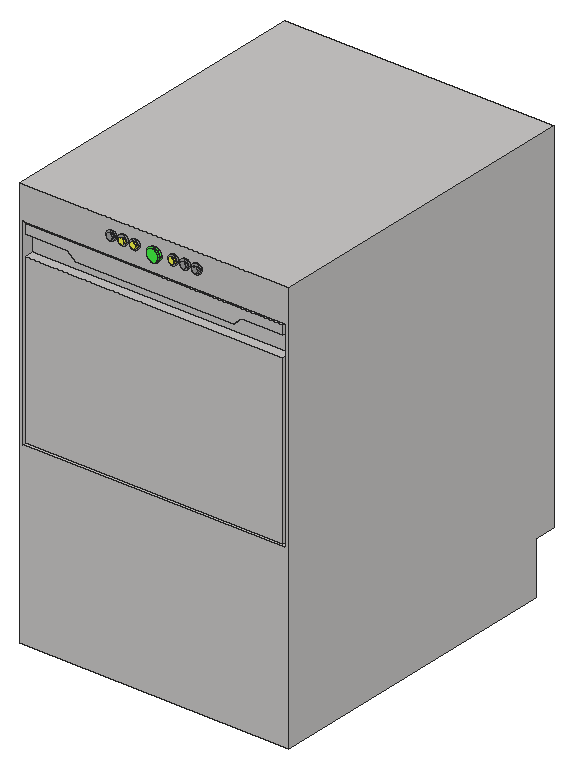
Revit family "QF_ELECTROLUXPROFESSIONAL_402217_ESICW", category Specialty Equipment, Revit 2018
Family settings
  Round Connector Dimension = Use Diameter
  Part Type = Normal
  Work Plane-Based = No
  Always vertical = Yes
  Cut with Voids When Loaded = No
  Shared = No
  Room Calculation Point = No
Parameters
  Weight = 37.00 kg
  Watts = 0 W
  Volts = 0 V
  URL Manufacturer = ""
  URL = "http://professional.electrolux.com/"
  Steam Supply Size = 0 mm
  Steam Supply Minimum Pressure = 0.0 Pa
  Steam Supply Maximum Pressure = 0.0 Pa
  Steam Pounds per Hour = 0
  Show Logo [instance] = yes
  Show Clearance [instance] = yes
  Refrigeration Suction Line Size = 0 mm
  Refrigeration Liquid Line Size = 0 mm
  Refrigerant Compressor Remote = yes
  Manufacturer = ""
  Phase = 0
  Model = ""
  Length Actual = 460 mm  # constant formula
  Item Number = ""
  Hot Water Size = 0 mm
  Height Actual = 715 mm  # constant formula
  HP = "4.4 HP"
  Gas Size = 0 mm
  Gas KW = 0
  Gas Input Pressure = 0 W
  Direct Waste Size = 22 mm
  Description = ""
  Depth Actual = 565 mm  # constant formula
  Cycle = 0 Hz
  Condensate Return Size = 0 mm
  Compressed Air Volume = 0.0 L/s
  Compressed Air Size = 0 mm
  Compressed Air Pressure = 0.0 Pa
  Cold Water Size = 0 mm
  Accessory = yes
Types (2, lengths in mm): name | Volts | URL Manufacturer | URL | Manufacturer | Phase | Model | Item Number | Description | Cycle | Cold Water Size
  (no name) | 0 V | "" | "http://professional.electrolux.com/" | "" | 0 | "" | "" | "" | 0 Hz | 0
  Standard | 220 V | "http://professional.electrolux.com" | "http://professional.electrolux.com" | "Electrolux Professional" | 1 | "ESICW" | "402217" | "GLASSWASHER(S) DOUBLE SKIN, COLD RINSE, WS, 30B/H" | 50 Hz | 19.05
Reference planes
  plane 1 "Center (Front/Back)": y = 0
  plane 2: z = 0
  plane 3 "Center (Left/Right)": x = 0
  plane 4 "LEFT": x = -230
  plane 5 "RIGHT": x = 230
  plane 6 "FRONT": y = -282.5
  plane 7 "BACK": y = 282.5
  plane 8: x = -202.5
  plane 9: x = 202.5
  plane 10: z = 715
  plane 11: z = 10
Forms (mm)
  Extrusion 1, solid, material "QF_Finishes_Stainless Steel"
    sketch origin (0, 0, 0) x (1, 0, 0) y (0, 1, 0)
      loop
        line (-230, -282.5) -> (230, -282.5) -> (230, 243.5) -> (-230, 243.5) -> (-230, -282.5)
    from 10 to 715
  Extrusion 2, solid, material "QF_Finishes_Stainless Steel"
    sketch origin (0, 0, 0) x (1, 0, 0) y (0, 1, 0)
      loop
        line (-230, 243.5) -> (230, 243.5) -> (230, 282.5) -> (-230, 282.5) -> (-230, 243.5)
    from 100 to 715
  Extrusion 3, solid, material "QF_Finishes_Stainless Steel"
    sketch origin (0, 0, 0) x (1, 0, 0) y (0, 1, 0)
      loop
        circle (-202.5, 184.5) r 12.5
      loop
        circle (202.5, 184.5) r 12.5
      loop
        circle (-202.5, -235.5) r 12.5
      loop
        circle (202.5, -235.5) r 12.5
    from 0 to 10
  Extrusion 4, void
    sketch origin (-230, -282.5, 0) x (-1, 0, 0) y (0, 0, 1)
      loop
        line (-5, 658.217) -> (-455, 658.217) -> (-455, 315) -> (-5, 315) -> (-5, 658.217)
    from 0 to 30
  Extrusion 5, solid, material "QF_Finishes_Stainless Steel"
    sketch origin (-288, -392, 738) x (0, 0, -1) y (1, 0, 0)
      loop
        circle (693, 213) r 10
    from -635.5 to -674.5
  Extrusion 6, solid, material "QF_Door-Drawer Clearances", visible <- "Show Clearance", detail levels coarse
    sketch origin (-230, -282.5, 0) x (0, 1, 0) y (0, 0, -1)
      loop
        line (0, -315) -> (-315, -315)
        arc (-315, -315) -> (-223.2, -545.869) -> (0, -655) r 344.605
        line (0, -655) -> (0, -315)
    from -10 to -450
  Extrusion 7, solid, material "QF_Finishes_Stainless Steel"
    sketch origin (-242.481, -392, 738) x (0, 0, -1) y (1, 0, 0)
      loop
        circle (663, 322.481) r 8
    from -635.5 to -674.5
  Extrusion 8, solid, material "QF_Finishes_Green"
    sketch origin (234, -282.5, -28.75) x (-1, 0, 0) y (0, 0, -1)
      loop
        circle (234, -714.569) r 10
    from 0 to 5
  Extrusion 9, solid, material "QF_Finishes_Gray"
    sketch origin (234, -282.5, -24.375) x (-1, 0, 0) y (0, 0, -1)
      loop
        circle (306.936, -713.972) r 5
    from 0 to 5
  Extrusion 10, solid, material "QF_Finishes_Stainless Steel"
    sketch origin (-230, -282.5, 0) x (0, 1, 0) y (0, 0, -1)
      loop
        line (0, -319.622) -> (0, -605) -> (15, -605) -> (15, -655) -> (25, -655) -> (25, -319.622) -> (0, -319.622)
    from -10 to -450
  Extrusion 11, solid, material "QF_Finishes_Stainless Steel"
    sketch origin (-230, -282.5, 0) x (0, 1, 0) y (0, 0, -1)
      loop
        line (15, -655) -> (15, -652.514) -> (2.5, -652.514) -> (2.5, -626.25) -> (0, -626.25) -> (0, -655) -> (15, -655)
    from -10 to -450
  Extrusion 12, void
    sketch origin (-230, -282.5, 655) x (0, 0, 1) y (1, 0, 0)
      loop
        line (-15.552, 10) -> (-15.552, 81.607) -> (-28.75, 94.804) -> (-28.75, 10) -> (-15.552, 10)
      loop
        line (-15.552, 450) -> (-28.75, 450) -> (-28.75, 365.196) -> (-15.552, 378.393) -> (-15.552, 450)
    from 0 to 2.5
  Extrusion 13, solid, material "QF_Finishes_Stainless Steel"
    sketch origin (-328, -392, 738) x (0, 0, -1) y (1, 0, 0)
      loop
        circle (663, 228) r 8
    from -635.5 to -674.5
  Extrusion 14, solid, material "QF_Finishes_Green"
    sketch origin (-230, -282.5, 0) x (1, 0, 0) y (0, 0, 1)
      loop
        circle (230, 685.819) r 12
      loop
        circle (230, 685.819) r 10
    from 0 to 2.5
  Extrusion 15, solid, material "QF_Finishes_Gray"
    sketch origin (-210, -282.5, -28.75) x (1, 0, 0) y (0, 0, 1)
      loop
        circle (262.936, 718.347) r 8
      loop
        circle (262.936, 718.347) r 5
      loop
        circle (242.936, 718.347) r 8
      loop
        circle (242.936, 718.347) r 5
      loop
        circle (282.936, 718.347) r 8
      loop
        circle (282.936, 718.347) r 5
    from 0 to 2.5
  Extrusion 16, solid, material "QF_Finishes_Gray"
    sketch origin (-234, -282.5, -24.375) x (1, 0, 0) y (0, 0, 1)
      loop
        circle (286.936, 713.972) r 5
      loop
        circle (306.936, 713.972) r 5
    from 0 to 5
  Extrusion 17, solid, material "QF_Finishes_Gray"
    sketch origin (210, -282.5, -28.75) x (-1, 0, 0) y (0, 0, -1)
      loop
        circle (262.936, -718.347) r 8
      loop
        circle (262.936, -718.347) r 5
      loop
        circle (242.936, -718.347) r 8
      loop
        circle (242.936, -718.347) r 5
      loop
        circle (282.936, -718.347) r 8
      loop
        circle (282.936, -718.347) r 5
    from 0 to 2.5
  Extrusion 18, solid, material "QF_Finishes_Yellow"
    sketch origin (254, -282.5, -24.375) x (-1, 0, 0) y (0, 0, -1)
      loop
        circle (306.936, -713.972) r 5
    from 0 to 5
  Extrusion 19, solid, material "QF_Finishes_Yellow"
    sketch origin (274, -282.5, -24.375) x (-1, 0, 0) y (0, 0, -1)
      loop
        circle (306.936, -713.972) r 5
    from 0 to 5
  Extrusion 20, solid, material "QF_Finishes_Yellow"
    sketch origin (339.871, -282.5, -24.375) x (-1, 0, 0) y (0, 0, -1)
      loop
        circle (306.936, -713.972) r 5
    from 0 to 5
Cuts and joins
  Extrusion 4 cuts Extrusion 1
  joined: Extrusion 1, Extrusion 2
  Extrusion 12 cuts Extrusion 10
  Extrusion 12 cuts Extrusion 11
Lines and regions (mm)
  Split face 1
    outline origin (-230, -282.5, 715) x (0, 0, -1) y (1, 0, 0)
      loop
        line (35, 0) -> (35, 60) -> (49.142, 74.142) -> (49.142, 214.142) -> (11.456, 214.142)
        arc (11.456, 214.142) -> (9.82, 214.82) -> (9.142, 216.456) r 2.314
        line (9.142, 216.456) -> (9.142, 230) -> (9.142, 243.544)
        arc (9.142, 243.544) -> (9.82, 245.18) -> (11.456, 245.858) r 2.314
        line (11.456, 245.858) -> (49.142, 245.858) -> (49.142, 385.858) -> (35, 400) -> (35, 460)
      loop
        line (56.783, 5) -> (56.783, 0)
      loop
        line (56.783, 455) -> (56.783, 460)
  symbolic lines
    curve 1: line (-230, 282.5, 0) -> (230, 282.5, 0)
    curve 2: line (-230, -282.5, 0) -> (-230, 282.5, 0)
    curve 3: line (230, -282.5, 0) -> (-230, -282.5, 0)
    curve 4: line (230, 282.5, 0) -> (230, -282.5, 0)
    curve 9: line (-80.94, -285, 0) -> (-80.94, -282.5, 0)
    curve 10: line (-64.948, -285, 0) -> (-64.948, -282.5, 0)
    curve 11: line (-77.926, -287.5, 0) -> (-67.936, -287.5, 0)
    curve 12: line (-67.936, -287.5, 0) -> (-67.936, -285, 0)
    curve 13: line (-77.926, -287.5, 0) -> (-77.926, -285, 0)
    curve 14: line (-60.936, -285, 0) -> (-44.936, -285, 0)
    curve 15: line (-44.936, -285, 0) -> (-44.936, -282.5, 0)
    curve 16: line (-60.936, -285, 0) -> (-60.936, -282.5, 0)
    curve 17: line (-57.936, -287.5, 0) -> (-47.936, -287.5, 0)
    curve 18: line (-47.936, -287.5, 0) -> (-47.936, -285, 0)
    curve 19: line (-57.936, -287.5, 0) -> (-57.936, -285, 0)
    curve 20: line (-40.936, -285, 0) -> (-24.936, -285, 0)
    curve 21: line (-24.936, -285, 0) -> (-24.936, -282.5, 0)
    curve 22: line (-40.936, -285, 0) -> (-40.936, -282.5, 0)
    curve 23: line (-37.936, -287.5, 0) -> (-27.936, -287.5, 0)
    curve 24: line (-27.936, -287.5, 0) -> (-27.936, -285, 0)
    curve 25: line (-37.936, -287.5, 0) -> (-37.936, -285, 0)
    curve 26: line (24.936, -285, 0) -> (40.936, -285, 0)
    curve 27: line (40.936, -285, 0) -> (40.936, -282.5, 0)
    curve 28: line (27.936, -287.5, 0) -> (37.936, -287.5, 0)
    curve 29: line (37.936, -287.5, 0) -> (37.936, -285, 0)
    curve 30: line (27.936, -287.5, 0) -> (27.936, -285, 0)
    curve 31: line (24.936, -285, 0) -> (24.936, -282.5, 0)
    curve 32: line (-12, -285, 0) -> (12, -285, 0)
    curve 33: line (12, -285, 0) -> (12, -282.5, 0)
    curve 34: line (-12, -285, 0) -> (-12, -282.5, 0)
    curve 35: line (-10, -287.5, 0) -> (10, -287.5, 0)
    curve 36: line (10, -287.5, 0) -> (10, -285, 0)
    curve 37: line (-10, -287.5, 0) -> (-10, -285, 0)
    curve 39: line (44.936, -285, 0) -> (60.936, -285, 0)
    curve 40: line (60.936, -285, 0) -> (60.936, -282.5, 0)
    curve 41: line (47.936, -287.5, 0) -> (57.936, -287.5, 0)
    curve 42: line (57.936, -287.5, 0) -> (57.936, -285, 0)
    curve 43: line (47.936, -287.5, 0) -> (47.936, -285, 0)
    curve 44: line (44.936, -285, 0) -> (44.936, -282.5, 0)
    curve 45: line (64.936, -285, 0) -> (80.936, -285, 0)
    curve 46: line (80.936, -285, 0) -> (80.936, -282.5, 0)
    curve 47: line (67.936, -287.5, 0) -> (77.936, -287.5, 0)
    curve 48: line (77.936, -287.5, 0) -> (77.936, -285, 0)
    curve 49: line (67.936, -287.5, 0) -> (67.936, -285, 0)
    curve 50: line (64.936, -285, 0) -> (64.936, -282.5, 0)
  symbolic lines, style "QF_Door-Drawer Clearances"
    curve 5: line (-220, -597.5, 0) -> (220, -597.5, 0)
    curve 6: line (220, -597.5, 0) -> (220, -282.5, 0)
    curve 7: line (-220, -597.5, 0) -> (-220, -282.5, 0)
  symbolic lines, style "SpecialityEquipment"
    curve 8: line (-80.94, -285, 0) -> (-64.948, -285, 0)
  symbolic lines, style "SpecialityEquipmentHiddenLines"
    curve 38: line (-230, 243.5, 0) -> (230, 243.5, 0)
Dimensions and locks
  equal spacing: plane 4 "LEFT", plane 3 "Center (Left/Right)", plane 5 "RIGHT"
  equal spacing: plane 7 "BACK", plane 1 "Center (Front/Back)", plane 6 "FRONT"
  plane 7 "BACK" to plane 6 "FRONT" = 565 mm
  plane 4 "LEFT" to plane 5 "RIGHT" = 460 mm
  plane 4 "LEFT" to plane 8 = 27.5 mm
  plane 9 to plane 5 "RIGHT" = 27.5 mm
  locked: plane 11 to level at 10
  plane 4 "LEFT" to plane 3 "Center (Left/Right)" = 230 mm
  plane 10 to level = 715 mm  (x2)
  plane 8 to plane 9 = 405 mm
  level to Extrusion 13 sketch curve = 75 mm
  Extrusion 13 sketch curve to plane 4 "LEFT" = 130 mm
  level to Extrusion 5 sketch curve = 45 mm
  Extrusion 5 sketch curve to plane 4 "LEFT" = 155 mm
  Extrusion 7 sketch curve to plane 4 "LEFT" = 310 mm
  level to Extrusion 7 sketch curve = 75 mm
  locked: Extrusion 3 to cut or joined group of Extrusion 1, Extrusion 2, Extrusion 4 at 98
  Extrusion 3 to Extrusion 3 = 420 mm
  locked: plane 6 "FRONT" to Extrusion 3 at 47
  plane 9 to plane 8 = 405 mm
  plane 7 "BACK" to curve 5 = 880 mm
  cut or joined group of Extrusion 10, Extrusion 12 to cut or joined group of Extrusion 1, Extrusion 2, Extrusion 4 = 290 mm
  aligned and locked: level to plane 2
  aligned and locked: Extrusion 1 sketch curve to plane 6 "FRONT"
  aligned and locked: Extrusion 1 sketch curve to plane 4 "LEFT"
  aligned and locked: plane 5 "RIGHT" to Extrusion 1 sketch curve
  aligned and locked: Extrusion 1 to plane 11
  aligned and locked: Extrusion 2 sketch curve to Extrusion 1  (x2)
  aligned and locked: plane 7 "BACK" to Extrusion 2 sketch curve
  aligned and locked: plane 5 "RIGHT" to Extrusion 2 sketch curve
  aligned and locked: plane 11 to Extrusion 3
  aligned and locked: Extrusion 2 to Extrusion 5
  aligned and locked: Extrusion 2 to Extrusion 7
  aligned and locked: plane 7 "BACK" to Extrusion 7
  aligned and locked: plane 7 "BACK" to Extrusion 5
  aligned and locked: cut or joined group of Extrusion 11, Extrusion 12 to Extrusion 12
  aligned and locked: plane 10 to Extrusion 2
Automatic sketch dimensions
  curve 1 to plane 4 "LEFT" = 0 mm
  curve 7 to plane 6 "FRONT" = 0 mm
  curve 4 to plane 5 "RIGHT" = 0 mm
  curve 2 to plane 7 "BACK" = 0 mm
  plane 4 "LEFT" to curve 5 = 10 mm
  curve 8 to plane 6 "FRONT" = 2.5 mm
  curve 8 to plane 3 "Center (Left/Right)" = 80.94 mm
  curve 8 to curve 11 = 3.013 mm
  curve 11 to curve 11 = 9.991 mm
  curve 12 to curve 10 = 2.987 mm
  curve 8 to curve 16 = 4.013 mm
  curve 14 to curve 19 = 3 mm
  curve 17 to plane 6 "FRONT" = 5 mm
  curve 17 to curve 17 = 10 mm
  curve 18 to curve 14 = 3 mm
  curve 14 to curve 20 = 4 mm
  curve 20 to curve 25 = 3 mm
  curve 24 to plane 6 "FRONT" = 5 mm
  curve 23 to curve 24 = 10 mm
  curve 24 to curve 21 = 3 mm
  curve 34 to plane 6 "FRONT" = 2.5 mm
  curve 34 to plane 3 "Center (Left/Right)" = 12 mm
  curve 32 to curve 37 = 2 mm
  plane 3 "Center (Left/Right)" to curve 36 = 10 mm
  curve 36 to curve 33 = 2 mm
  curve 26 to plane 6 "FRONT" = 2.5 mm
  curve 32 to curve 26 = 12.936 mm
  curve 26 to curve 30 = 3 mm
  curve 28 to plane 6 "FRONT" = 5 mm
  curve 28 to curve 28 = 10 mm
  curve 29 to curve 27 = 3 mm
  curve 26 to curve 44 = 4 mm
  curve 39 to curve 43 = 3 mm
  curve 41 to plane 6 "FRONT" = 5 mm
  curve 41 to curve 41 = 10 mm
  curve 42 to curve 39 = 3 mm
  curve 39 to curve 50 = 4 mm
  curve 45 to curve 47 = 3 mm
  curve 47 to plane 6 "FRONT" = 5 mm
  curve 47 to curve 47 = 10 mm
  curve 48 to curve 45 = 3 mm
  curve 6 to plane 5 "RIGHT" = 10 mm
  curve 35 to curve 36 = 2.5 mm
  curve 11 to curve 13 = 2.5 mm
  curve 15 to plane 6 "FRONT" = 2.5 mm
  curve 20 to plane 6 "FRONT" = 2.5 mm
  curve 40 to plane 6 "FRONT" = 2.5 mm
  curve 45 to plane 6 "FRONT" = 2.5 mm
  curve 38 to plane 7 "BACK" = 39 mm
  Extrusion 1 sketch curve to plane 7 "BACK" = 39 mm
  Extrusion 3 sketch curve to plane 8 = 0 mm  (x2)
  Extrusion 3 sketch curve to plane 9 = 0 mm  (x2)
  plane 6 "FRONT" to Extrusion 3 sketch curve = 47 mm  (x2)
  Extrusion 3 sketch curve to plane 7 "BACK" = 98 mm  (x2)
  Extrusion 4 sketch curve to Extrusion 1 = 5 mm  (x2)
  Extrusion 4 sketch curve to Extrusion 1 = 305 mm
  Extrusion 4 sketch curve to Extrusion 1 = 56.783 mm
  Extrusion 6 sketch curve to plane 6 "FRONT" = 0 mm
  Extrusion 6 sketch curve to plane 6 "FRONT" = 315 mm
  plane 6 "FRONT" to Extrusion 6 sketch curve = 29.589 mm
  Extrusion 6 sketch curve to plane 10 = 60 mm
  plane 11 to Extrusion 6 sketch curve = 305 mm
  Extrusion 8 sketch curve to Extrusion 8 sketch curve = 0 mm  (x2)
  Extrusion 8 sketch curve to plane 3 "Center (Left/Right)" = 0 mm
  Extrusion 8 sketch curve to plane 10 = 29.181 mm
  plane 3 "Center (Left/Right)" to Extrusion 8 sketch curve = 10 mm
  Extrusion 9 sketch curve to Extrusion 9 sketch curve = 0 mm  (x2)
  Extrusion 9 sketch curve to plane 10 = 25.403 mm
  Extrusion 9 sketch curve to plane 3 "Center (Left/Right)" = 72.936 mm
  Extrusion 9 sketch curve to Extrusion 9 sketch curve = 5 mm
  Extrusion 10 sketch curve to plane 6 "FRONT" = 0 mm
  plane 6 "FRONT" to Extrusion 10 sketch curve = 15 mm
  Extrusion 10 sketch curve to Extrusion 10 sketch curve = 25 mm
  Extrusion 10 sketch curve to plane 10 = 60 mm
  Extrusion 10 sketch curve to Extrusion 10 sketch curve = 50 mm
  Extrusion 10 sketch curve to Extrusion 10 sketch curve = 285.378 mm
  Extrusion 11 sketch curve to plane 6 "FRONT" = 0 mm
  Extrusion 11 sketch curve to Extrusion 11 sketch curve = 2.5 mm
  Extrusion 11 sketch curve to Extrusion 11 sketch curve = 12.5 mm
  Extrusion 11 sketch curve to plane 10 = 60 mm
  Extrusion 11 sketch curve to Extrusion 11 sketch curve = 2.486 mm
  Extrusion 11 sketch curve to Extrusion 11 sketch curve = 26.264 mm
  Extrusion 12 sketch curve to Extrusion 11 = 0 mm  (x3)
  Extrusion 11 to Extrusion 12 sketch curve = 0 mm
  Extrusion 12 sketch curve to Extrusion 11 = 13.198 mm  (x2)
  Extrusion 12 sketch curve to Extrusion 11 = 71.607 mm
  Extrusion 12 sketch curve to Extrusion 12 sketch curve = 13.198 mm  (x2)
  Extrusion 12 sketch curve to Extrusion 11 = 84.804 mm
  Extrusion 14 sketch curve to Extrusion 14 sketch curve = 0 mm  (x2)
  Extrusion 1 to Extrusion 14 sketch curve = 29.181 mm
  Extrusion 1 to Extrusion 14 sketch curve = 230 mm
  Extrusion 15 sketch curve to Extrusion 15 sketch curve = 0 mm  (x8)
  plane 3 "Center (Left/Right)" to Extrusion 15 sketch curve = 32.936 mm
  Extrusion 15 sketch curve to Extrusion 15 sketch curve = 20 mm  (x2)
  Extrusion 15 sketch curve to plane 10 = 25.403 mm
  Extrusion 16 sketch curve to Extrusion 16 sketch curve = 0 mm  (x5)
  Extrusion 16 sketch curve to plane 10 = 25.403 mm
  plane 3 "Center (Left/Right)" to Extrusion 16 sketch curve = 52.936 mm
  Extrusion 16 sketch curve to Extrusion 16 sketch curve = 20 mm
  Extrusion 16 sketch curve to Extrusion 16 sketch curve = 5 mm  (x2)
  Split face 1 sketch curve to cut or joined group of Extrusion 1, Extrusion 2, Extrusion 4 = 0 mm  (x6)
  cut or joined group of Extrusion 1, Extrusion 2, Extrusion 4 to Split face 1 sketch curve = 0 mm  (x2)
  cut or joined group of Extrusion 1, Extrusion 2, Extrusion 4 to Split face 1 sketch curve = 7.641 mm  (x2)
  Split face 1 sketch curve to Split face 1 sketch curve = 14.142 mm  (x4)
  Split face 1 sketch curve to cut or joined group of Extrusion 1, Extrusion 2, Extrusion 4 = 11.456 mm  (x2)
  Split face 1 sketch curve to cut or joined group of Extrusion 1, Extrusion 2, Extrusion 4 = 9.142 mm
  Split face 1 sketch curve to cut or joined group of Extrusion 1, Extrusion 2, Extrusion 4 = 55 mm
  Split face 1 sketch curve to Split face 1 sketch curve = 140 mm
  Split face 1 sketch curve to Split face 1 sketch curve = 13.544 mm  (x2)
  Split face 1 sketch curve to cut or joined group of Extrusion 1, Extrusion 2, Extrusion 4 = 69.142 mm
  Extrusion 17 sketch curve to Extrusion 17 sketch curve = 0 mm  (x8)
  Extrusion 17 sketch curve to plane 3 "Center (Left/Right)" = 32.936 mm
  Extrusion 17 sketch curve to Extrusion 17 sketch curve = 20 mm  (x2)
  Extrusion 17 sketch curve to plane 10 = 25.403 mm
  Extrusion 18 sketch curve to Extrusion 18 sketch curve = 0 mm  (x2)
  Extrusion 18 sketch curve to plane 10 = 25.403 mm
  Extrusion 18 sketch curve to plane 3 "Center (Left/Right)" = 52.936 mm
  Extrusion 18 sketch curve to Extrusion 18 sketch curve = 5 mm
  Extrusion 19 sketch curve to Extrusion 19 sketch curve = 0 mm  (x2)
  Extrusion 19 sketch curve to plane 3 "Center (Left/Right)" = 32.936 mm
  Extrusion 19 sketch curve to plane 10 = 25.403 mm
  Extrusion 19 sketch curve to Extrusion 19 sketch curve = 5 mm
  Extrusion 20 sketch curve to Extrusion 20 sketch curve = 0 mm  (x2)
  plane 3 "Center (Left/Right)" to Extrusion 20 sketch curve = 32.936 mm
  Extrusion 20 sketch curve to plane 10 = 25.403 mm
  Extrusion 20 sketch curve to Extrusion 20 sketch curve = 5 mm
  radius of Extrusion 5 sketch curve = 10 mm
  radius of Extrusion 7 sketch curve = 8 mm
  radius of Extrusion 13 sketch curve = 8 mm
  radius of Extrusion 3 sketch curve = 12.5 mm  (x4)
  radius of Extrusion 14 sketch curve = 12 mm
  radius of Extrusion 14 sketch curve = 10 mm
  radius of Extrusion 15 sketch curve = 8 mm  (x3)
  radius of Extrusion 15 sketch curve = 5 mm  (x3)
  radius of Extrusion 17 sketch curve = 8 mm  (x3)
  radius of Extrusion 17 sketch curve = 5 mm  (x3)
Connectors
  piping at (-75, 282.5, 45), diameter 20
    settings: on Extrusion 5, index 1, connector inside diameter 609.6 mm, connector length 0 mm, flow factor 0, pipe flow 0.0 L/s, pressure drop 0.0 Pa, fitting loss kfactor 0, connector angle 0.00°, fixture units 0, engagement length 0 mm, angle of deflection 0.00°, flow configuration 1, flow direction 1, fitting loss method 0, system type 16, joint type 0, gender type 0, connector reference index -1, connector utility 0, adjustable connector no, is connector primary yes, connector description "Drain"
  piping at (80, 282.5, 75), driven by "Cold Water Size"
    settings: on Extrusion 7, index 3, connector diameter 0 mm, connector inside diameter 609.6 mm, connector length 0 mm, flow factor 0, pipe flow 0.0 L/s, pressure drop 0.0 Pa, fitting loss kfactor 0, connector angle 0.00°, fixture units 0, engagement length 0 mm, angle of deflection 0.00°, flow configuration 1, flow direction 1, fitting loss method 0, system type 20, joint type 0, gender type 0, connector reference index -1, connector utility 0, adjustable connector no, is connector primary no, connector description "Cold Water Inlet"
  electrical at (-100, 282.5, 75), driven by "Volts"
    settings: on Extrusion 13, index 4, voltage 0 V, apparent load 0 VA, apparent load phase1 0 VA, apparent load phase2 0 VA, apparent load phase3 0 VA, power factor 1, load classification "Altro", number of poles 1, system type 31, power factor state 1, is connector primary yes, connector utility no, sub classification motor no, connector description "Electrical Connection"
